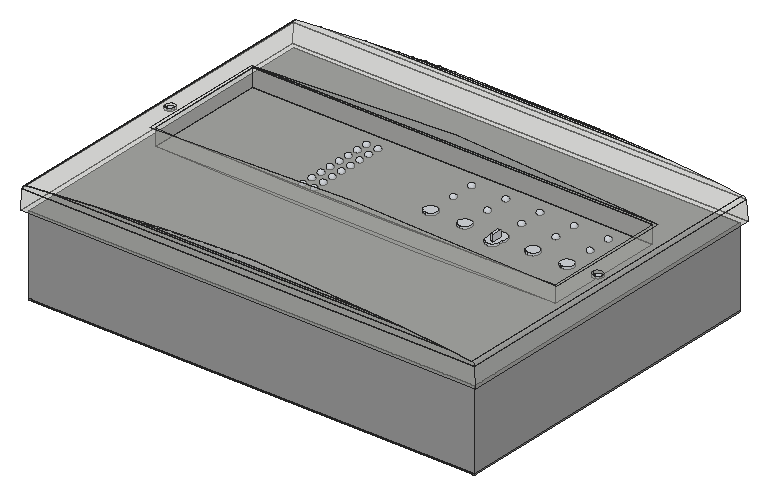
Revit family "Maxlogic Konvansiyonel Yangın Alarm Santralı büyük kasa", category Fire Alarm Devices, host Face, Revit 2021
Family settings
  Host = Face
  Maintain Annotation Orientation = Yes
  Round Connector Dimension = Use Diameter
  Part Type = Normal
  OmniClass Number = 23.85.30.21
  OmniClass Title = Environmental Detection/Registration
  Cut with Voids When Loaded = No
  Shared = No
  Room Calculation Point = No
Parameters (values of type "Maxlogic Konvansiyonel Yangın Alarm Santralı, 8 Bölge")
  Weight = "~ 4,275 - 4,4 kg (Akü Hariç)"
  Weatherproof surface mounting back box = ""
  Warranty Duration Unit = "Year"
  Warranty Duration Parts = "2"
  Warranty Duration Labor = "2"
  Version = ""
  URL = "https://www.mavili.com.tr/"
  Recessed mounting base = ""
  Public Works Pose Number = "833-212"
  Protection Sign = ""
  Product Code = "ML-22108"
  Phone Number = "(+)90 216 466 45 05"
  Operatonal Voltage (default) = ""
  Operating voltage range = ""
  Operating temperature = "(-5°C) - (+50°C)"
  Nominal Depth = "100 mm"
  Nominal Width = "400 mm"
  Nominal Height = "300 mm"
  Mounting surface = "Duvara montaj"
  Mounting height = ""
  Model = "Maxlogic"
  Manufacturer = "Mavili Elektronik Ticaret A.Ş."
  LED 8 = no
  LED 4 = yes
  LED 2 = yes
  Installation Manual = "https://mavilielektronik.com/Revit/ML221XX_kk.pdf"
  Indicator output = ""
  Fax Number = "(+)90 216 466 45 10"
  External supply = "220 V AC"
  Email = "mavili@mavili.com.tr"
  Disclaimer = ""
  Device Adress Setup = ""
  Description = "Konvansiyonel Yangın Alarm Santralı, 8 Bölge"
  Default Elevation = 0 mm
  Current consumption = ""
  Cost unıt = ""
  Cost = 0
  Compatible sockets = ""
  Color = "Beyaz"
  Code Performance = "EN 54-2 / EN 54-4"
  Main Material = "Metal Grey"
  Secondary Material = "White Plastic ABS"
  Battery = "2 X (12V DC 7 Ah )"
  Assembly Code = ""
  Address line 1 = "Şerifali Mahallesi Kutup Sokak No:27/1-2-4 Ümraniye TR-34775 İSTANBUL"
Types (5, lengths in mm): name | Public Works Pose Number | Product Code | LED 8 | LED 4 | LED 2 | Description
  (no name) | "833-212" | "ML-22108" | no | yes | yes | "Konvansiyonel Yangın Alarm Santralı, 8 Bölge"
  Maxlogic Konvansiyonel Yangın Alarm Santralı, 16 Bölge | "833-214" | "ML-22116" | yes | yes | yes | "Konvansiyonel Yangın Alarm Santralı, 16 Bölge"
  Maxlogic Konvansiyonel Yangın Alarm Santralı, 8 Bölge | "833-212" | "ML-22108" | no | yes | yes | "Konvansiyonel Yangın Alarm Santralı, 8 Bölge"
  Maxlogic Konvansiyonel Yangın Alarm Santralı, 4 Bölge | "833-211" | "ML-22104" | no | no | yes | "Konvansiyonel Yangın Alarm Santralı, 4 Bölge"
  Maxlogic Konvansiyonel Yangın Alarm Santralı, 2 Bölge | "" | "ML-22102" | no | no | no | "Konvansiyonel Yangın Alarm Santralı, 2 Bölge"
Reference planes
  plane 1 "Center (Front/Back)": y = 0
  plane 2: z = 0
  plane 3 "Center (Left/Right)": x = 0
Forms (mm)
  Extrusion 1, solid, material "mavili arka kasa"
    sketch origin (-210, -150, 148.173) x (1, 0, 0) y (0, 0, -1)
      loop
        line (42.905, 77.3) -> (434.905, 77.3) -> (434.905, 146.904)
        arc (434.905, 146.904) -> (434.545, 147.715) -> (433.785, 148.173) r 1.476
        line (433.785, 148.173) -> (44.505, 148.173)
        arc (44.505, 148.173) -> (43.374, 147.704) -> (42.905, 146.573) r 1.6
        line (42.905, 146.573) -> (42.905, 77.3)
    from 0 to 300
  Extrusion 2, solid, material "Mavili beyaz"
    sketch origin (-210, -150, 148.173) x (1, 0, 0) y (0, 0, -1)
      loop
        line (38.905, 77.3) -> (39.824, 59.769)
        arc (39.824, 59.769) -> (40.651, 57.854) -> (42.526, 56.941) r 3
        arc (42.526, 56.941) -> (238.905, 47.3) -> (435.284, 56.941) r 2005
        arc (435.284, 56.941) -> (437.16, 57.854) -> (437.987, 59.769) r 3
        line (437.987, 59.769) -> (438.905, 77.3) -> (38.905, 77.3)
    from 0 to 300
  Extrusion 3, void
    sketch origin (-167.095, -150, 70.872) x (0, 0, 1) y (0, -1, 0)
      loop
        arc (-69.27, -296) -> (-70.403, -295.532) -> (-70.872, -294.4) r 1.6
        line (-70.872, -294.4) -> (-70.872, -300) -> (0, -300) -> (0, -296) -> (-69.27, -296)
    from 0 to 392
  Extrusion 4, void
    sketch origin (-167.095, 150, 70.872) x (0, 0, 1) y (0, -1, 0)
      loop
        line (-69.27, 296) -> (0, 296) -> (0, 300) -> (-70.872, 300) -> (-70.872, 294.4)
        arc (-70.872, 294.4) -> (-70.403, 295.532) -> (-69.27, 296) r 1.6
    from 0 to 392
  Extrusion 5, void
    sketch origin (-210, -150, 148.173) x (0, 0, -1) y (0, 1, 0)
      loop
        line (55.289, 116.326) -> (55.289, 228.158) -> (47.3, 228.297) -> (47.3, 111.721) -> (55.289, 116.326)
    from 0 to 497.127
  Extrusion 6, void
    sketch origin (-210, -150, 148.173) x (0, 0, -1) y (0, 1, 0)
      loop
        arc (47.3, 295.581) -> (48.124, 297.646) -> (50.143, 298.577) r 3
        line (50.143, 298.577) -> (51.913, 298.669) -> (55.057, 298.834) -> (59.769, 299.081) -> (77.3, 300) -> (50, 300) -> (47.3, 300) -> (47.3, 295.581)
    from 0 to 493.151
  Extrusion 7, void
    sketch origin (-210, 150, 148.173) x (0, 0, -1) y (0, 1, 0)
      loop
        line (47.3, -295.581) -> (47.3, -300) -> (50, -300) -> (77.3, -300) -> (59.769, -299.081) -> (55.057, -298.834) -> (51.913, -298.669) -> (50.143, -298.577)
        arc (50.143, -298.577) -> (48.124, -297.646) -> (47.3, -295.581) r 3
    from 0 to 493.151
  Extrusion 8, void
    sketch origin (-167.095, 146, 25.472) x (0, 0, -1) y (1, 0, 0)
      loop
        line (-13.523, 66.9) -> (-13.523, 68.054)
        arc (-13.523, 68.054) -> (-15, 68.144) -> (-16.477, 68.054) r 12.144
        line (-16.477, 68.054) -> (-16.477, 66.9)
        arc (-16.477, 66.9) -> (-26, 56.025) -> (-16.527, 45.106) r 11
        line (-16.527, 45.106) -> (-16.527, 43.952)
        arc (-16.527, 43.952) -> (-15, 43.856) -> (-13.473, 43.952) r 12.144
        line (-13.473, 43.952) -> (-13.473, 45.106)
        arc (-13.473, 45.106) -> (-4, 56.025) -> (-13.523, 66.9) r 11
    from 0 to 1
  Extrusion 9, void
    sketch origin (-127.095, 146, 25.472) x (0, 0, -1) y (1, 0, 0)
      loop
        line (-13.523, 66.9) -> (-13.523, 68.054)
        arc (-13.523, 68.054) -> (-15, 68.144) -> (-16.477, 68.054) r 12.144
        line (-16.477, 68.054) -> (-16.477, 66.9)
        arc (-16.477, 66.9) -> (-26, 56.025) -> (-16.527, 45.106) r 11
        line (-16.527, 45.106) -> (-16.527, 43.952)
        arc (-16.527, 43.952) -> (-15, 43.856) -> (-13.473, 43.952) r 12.144
        line (-13.473, 43.952) -> (-13.473, 45.106)
        arc (-13.473, 45.106) -> (-4, 56.025) -> (-13.523, 66.9) r 11
    from 0 to 1
  Extrusion 10, void
    sketch origin (-87.095, 146, 25.472) x (0, 0, -1) y (1, 0, 0)
      loop
        line (-13.523, 66.9) -> (-13.523, 68.054)
        arc (-13.523, 68.054) -> (-15, 68.144) -> (-16.477, 68.054) r 12.144
        line (-16.477, 68.054) -> (-16.477, 66.9)
        arc (-16.477, 66.9) -> (-26, 56.025) -> (-16.527, 45.106) r 11
        line (-16.527, 45.106) -> (-16.527, 43.952)
        arc (-16.527, 43.952) -> (-15, 43.856) -> (-13.473, 43.952) r 12.144
        line (-13.473, 43.952) -> (-13.473, 45.106)
        arc (-13.473, 45.106) -> (-4, 56.025) -> (-13.523, 66.9) r 11
    from 0 to 1
  Extrusion 11, void
    sketch origin (-47.095, 146, 25.472) x (0, 0, -1) y (1, 0, 0)
      loop
        line (-13.523, 66.9) -> (-13.523, 68.054)
        arc (-13.523, 68.054) -> (-15, 68.144) -> (-16.477, 68.054) r 12.144
        line (-16.477, 68.054) -> (-16.477, 66.9)
        arc (-16.477, 66.9) -> (-26, 56.025) -> (-16.527, 45.106) r 11
        line (-16.527, 45.106) -> (-16.527, 43.952)
        arc (-16.527, 43.952) -> (-15, 43.856) -> (-13.473, 43.952) r 12.144
        line (-13.473, 43.952) -> (-13.473, 45.106)
        arc (-13.473, 45.106) -> (-4, 56.025) -> (-13.523, 66.9) r 11
    from 0 to 1
  Extrusion 12, void
    sketch origin (-7.095, 146, 25.472) x (0, 0, -1) y (1, 0, 0)
      loop
        line (-13.523, 66.9) -> (-13.523, 68.054)
        arc (-13.523, 68.054) -> (-15, 68.144) -> (-16.477, 68.054) r 12.144
        line (-16.477, 68.054) -> (-16.477, 66.9)
        arc (-16.477, 66.9) -> (-26, 56.025) -> (-16.527, 45.106) r 11
        line (-16.527, 45.106) -> (-16.527, 43.952)
        arc (-16.527, 43.952) -> (-15, 43.856) -> (-13.473, 43.952) r 12.144
        line (-13.473, 43.952) -> (-13.473, 45.106)
        arc (-13.473, 45.106) -> (-4, 56.025) -> (-13.523, 66.9) r 11
    from 0 to 1
  Extrusion 13, void
    sketch origin (32.905, 146, 25.472) x (0, 0, -1) y (1, 0, 0)
      loop
        line (-13.523, 66.9) -> (-13.523, 68.054)
        arc (-13.523, 68.054) -> (-15, 68.144) -> (-16.477, 68.054) r 12.144
        line (-16.477, 68.054) -> (-16.477, 66.9)
        arc (-16.477, 66.9) -> (-26, 56.025) -> (-16.527, 45.106) r 11
        line (-16.527, 45.106) -> (-16.527, 43.952)
        arc (-16.527, 43.952) -> (-15, 43.856) -> (-13.473, 43.952) r 12.144
        line (-13.473, 43.952) -> (-13.473, 45.106)
        arc (-13.473, 45.106) -> (-4, 56.025) -> (-13.523, 66.9) r 11
    from 0 to 1
  Extrusion 14, void
    sketch origin (72.905, 146, 25.472) x (0, 0, -1) y (1, 0, 0)
      loop
        line (-13.523, 66.9) -> (-13.523, 68.054)
        arc (-13.523, 68.054) -> (-15, 68.144) -> (-16.477, 68.054) r 12.144
        line (-16.477, 68.054) -> (-16.477, 66.9)
        arc (-16.477, 66.9) -> (-26, 56.025) -> (-16.527, 45.106) r 11
        line (-16.527, 45.106) -> (-16.527, 43.952)
        arc (-16.527, 43.952) -> (-15, 43.856) -> (-13.473, 43.952) r 12.144
        line (-13.473, 43.952) -> (-13.473, 45.106)
        arc (-13.473, 45.106) -> (-4, 56.025) -> (-13.523, 66.9) r 11
    from 0 to 1
  Extrusion 15, void
    sketch origin (112.905, 146, 25.472) x (0, 0, -1) y (1, 0, 0)
      loop
        line (-13.523, 66.9) -> (-13.523, 68.054)
        arc (-13.523, 68.054) -> (-15, 68.144) -> (-16.477, 68.054) r 12.144
        line (-16.477, 68.054) -> (-16.477, 66.9)
        arc (-16.477, 66.9) -> (-26, 56.025) -> (-16.527, 45.106) r 11
        line (-16.527, 45.106) -> (-16.527, 43.952)
        arc (-16.527, 43.952) -> (-15, 43.856) -> (-13.473, 43.952) r 12.144
        line (-13.473, 43.952) -> (-13.473, 45.106)
        arc (-13.473, 45.106) -> (-4, 56.025) -> (-13.523, 66.9) r 11
    from 0 to 1
  Extrusion 16, void
    sketch origin (-210, -33.417, 92.884) x (-1, 0, 0) y (0, 1, 0)
      loop
        line (-62.836, 2.214) -> (-62.836, 108.579)
        spline (-62.836, 108.579) -> (-92.123, 108.62) -> (-121.442, 108.654) -> (-150.785, 108.681) -> (-180.148, 108.699) -> (-209.524, 108.711) -> (-238.905, 108.714) -> (-268.287, 108.711) -> (-297.662, 108.699) -> (-327.025, 108.681) -> (-356.369, 108.654) -> (-385.687, 108.62) -> (-414.974, 108.579)
        line (-414.974, 108.579) -> (-414.974, 2.214)
        spline (-414.974, 2.214) -> (-385.687, 0.847) -> (-356.369, -0.273) -> (-327.025, -1.144) -> (-297.662, -1.766) -> (-268.287, -2.14) -> (-238.905, -2.264) -> (-209.524, -2.14) -> (-180.148, -1.766) -> (-150.785, -1.144) -> (-121.442, -0.273) -> (-92.123, 0.847) -> (-62.836, 2.214)
    from 0 to 15
  Extrusion 17, void
    sketch origin (-210, -33.417, 92.884) x (-1, 0, 0) y (0, 1, 0)
      loop
        circle (-50.905, 33.417) r 4.25
    from 0 to 3
  Extrusion 18, solid
    sketch origin (-210, -33.442, 89.884) x (0, 1, 0) y (-1, 0, 0)
      loop
        line (35.753, -50.862) -> (34.597, -48.861) -> (32.286, -48.861) -> (31.13, -50.862) -> (32.286, -52.864) -> (34.597, -52.864) -> (35.753, -50.862)
    from 0 to 1
  Extrusion 19, void
    sketch origin (267.811, -33.417, 92.884) x (-1, 0, 0) y (0, 1, 0)
      loop
        circle (50.905, 33.417) r 4.25
    from 0 to 3
  Extrusion 20, solid
    sketch origin (267.811, -33.442, 89.884) x (0, 1, 0) y (-1, 0, 0)
      loop
        line (35.753, 50.862) -> (34.597, 52.864) -> (32.286, 52.864) -> (31.13, 50.862) -> (32.286, 48.861) -> (34.597, 48.861) -> (35.753, 50.862)
    from 0 to 1
  Revolve 21, solid, visible <- "LED 8"
    sketch origin (-210, -33.417, 77.884) x (0, 1, 0) y (-1, 0, 0)
      loop
        line (96.899, -86.908) -> (91.899, -86.908)
        arc (91.899, -86.908) -> (94.399, -89.408) -> (96.899, -86.908) r 2.5
      axis (96.899, -86.908) -> (91.899, -86.908)
    angle from 0 to -180
  Revolve 22, solid, visible <- "LED 8"
    sketch origin (-200, -33.417, 77.884) x (0, 1, 0) y (-1, 0, 0)
      loop
        line (96.899, -86.908) -> (91.899, -86.908)
        arc (91.899, -86.908) -> (94.399, -89.408) -> (96.899, -86.908) r 2.5
      axis (96.899, -86.908) -> (91.899, -86.908)
    angle from 0 to -180
  Revolve 23, solid, visible <- "LED 8"
    sketch origin (-210, -43.417, 77.884) x (0, 1, 0) y (-1, 0, 0)
      loop
        line (96.899, -86.908) -> (91.899, -86.908)
        arc (91.899, -86.908) -> (94.399, -89.408) -> (96.899, -86.908) r 2.5
      axis (96.899, -86.908) -> (91.899, -86.908)
    angle from 0 to -180
  Revolve 24, solid, visible <- "LED 8"
    sketch origin (-200, -43.417, 77.884) x (0, 1, 0) y (-1, 0, 0)
      loop
        line (96.899, -86.908) -> (91.899, -86.908)
        arc (91.899, -86.908) -> (94.399, -89.408) -> (96.899, -86.908) r 2.5
      axis (96.899, -86.908) -> (91.899, -86.908)
    angle from 0 to -180
  Revolve 25, solid, visible <- "LED 8"
    sketch origin (-210, -53.417, 77.884) x (0, 1, 0) y (-1, 0, 0)
      loop
        line (96.899, -86.908) -> (91.899, -86.908)
        arc (91.899, -86.908) -> (94.399, -89.408) -> (96.899, -86.908) r 2.5
      axis (96.899, -86.908) -> (91.899, -86.908)
    angle from 0 to -180
  Revolve 26, solid, visible <- "LED 8"
    sketch origin (-200, -53.417, 77.884) x (0, 1, 0) y (-1, 0, 0)
      loop
        line (96.899, -86.908) -> (91.899, -86.908)
        arc (91.899, -86.908) -> (94.399, -89.408) -> (96.899, -86.908) r 2.5
      axis (96.899, -86.908) -> (91.899, -86.908)
    angle from 0 to -180
  Revolve 27, solid, visible <- "LED 8"
    sketch origin (-210, -63.417, 77.884) x (0, 1, 0) y (-1, 0, 0)
      loop
        line (96.899, -86.908) -> (91.899, -86.908)
        arc (91.899, -86.908) -> (94.399, -89.408) -> (96.899, -86.908) r 2.5
      axis (96.899, -86.908) -> (91.899, -86.908)
    angle from 0 to -180
  Revolve 28, solid, visible <- "LED 8"
    sketch origin (-200, -63.417, 77.884) x (0, 1, 0) y (-1, 0, 0)
      loop
        line (96.899, -86.908) -> (91.899, -86.908)
        arc (91.899, -86.908) -> (94.399, -89.408) -> (96.899, -86.908) r 2.5
      axis (96.899, -86.908) -> (91.899, -86.908)
    angle from 0 to -180
  Revolve 29, solid, visible <- "LED 8"
    sketch origin (-210, -73.417, 77.884) x (0, 1, 0) y (-1, 0, 0)
      loop
        line (96.899, -86.908) -> (91.899, -86.908)
        arc (91.899, -86.908) -> (94.399, -89.408) -> (96.899, -86.908) r 2.5
      axis (96.899, -86.908) -> (91.899, -86.908)
    angle from 0 to -180
  Revolve 30, solid, visible <- "LED 8"
    sketch origin (-200, -73.417, 77.884) x (0, 1, 0) y (-1, 0, 0)
      loop
        line (96.899, -86.908) -> (91.899, -86.908)
        arc (91.899, -86.908) -> (94.399, -89.408) -> (96.899, -86.908) r 2.5
      axis (96.899, -86.908) -> (91.899, -86.908)
    angle from 0 to -180
  Revolve 31, solid, visible <- "LED 8"
    sketch origin (-210, -83.417, 77.884) x (0, 1, 0) y (-1, 0, 0)
      loop
        line (96.899, -86.908) -> (91.899, -86.908)
        arc (91.899, -86.908) -> (94.399, -89.408) -> (96.899, -86.908) r 2.5
      axis (96.899, -86.908) -> (91.899, -86.908)
    angle from 0 to -180
  Revolve 32, solid, visible <- "LED 8"
    sketch origin (-200, -83.417, 77.884) x (0, 1, 0) y (-1, 0, 0)
      loop
        line (96.899, -86.908) -> (91.899, -86.908)
        arc (91.899, -86.908) -> (94.399, -89.408) -> (96.899, -86.908) r 2.5
      axis (96.899, -86.908) -> (91.899, -86.908)
    angle from 0 to -180
  Revolve 33, solid, visible <- "LED 8"
    sketch origin (-210, -93.417, 77.884) x (0, 1, 0) y (-1, 0, 0)
      loop
        line (96.899, -86.908) -> (91.899, -86.908)
        arc (91.899, -86.908) -> (94.399, -89.408) -> (96.899, -86.908) r 2.5
      axis (96.899, -86.908) -> (91.899, -86.908)
    angle from 0 to -180
  Revolve 34, solid, visible <- "LED 8"
    sketch origin (-200, -93.417, 77.884) x (0, 1, 0) y (-1, 0, 0)
      loop
        line (96.899, -86.908) -> (91.899, -86.908)
        arc (91.899, -86.908) -> (94.399, -89.408) -> (96.899, -86.908) r 2.5
      axis (96.899, -86.908) -> (91.899, -86.908)
    angle from 0 to -180
  Revolve 35, solid, visible <- "LED 8"
    sketch origin (-210, -103.417, 77.884) x (0, 1, 0) y (-1, 0, 0)
      loop
        line (96.899, -86.908) -> (91.899, -86.908)
        arc (91.899, -86.908) -> (94.399, -89.408) -> (96.899, -86.908) r 2.5
      axis (96.899, -86.908) -> (91.899, -86.908)
    angle from 0 to -180
  Revolve 36, solid, visible <- "LED 8"
    sketch origin (-200, -103.417, 77.884) x (0, 1, 0) y (-1, 0, 0)
      loop
        line (96.899, -86.908) -> (91.899, -86.908)
        arc (91.899, -86.908) -> (94.399, -89.408) -> (96.899, -86.908) r 2.5
      axis (96.899, -86.908) -> (91.899, -86.908)
    angle from 0 to -180
  Revolve 37, solid
    sketch origin (-122.5, -33.417, 77.884) x (0, 1, 0) y (-1, 0, 0)
      loop
        line (96.899, -86.908) -> (91.899, -86.908)
        arc (91.899, -86.908) -> (94.399, -89.408) -> (96.899, -86.908) r 2.5
      axis (96.899, -86.908) -> (91.899, -86.908)
    angle from 0 to -180
  Revolve 38, solid
    sketch origin (-112.5, -33.417, 77.884) x (0, 1, 0) y (-1, 0, 0)
      loop
        line (96.899, -86.908) -> (91.899, -86.908)
        arc (91.899, -86.908) -> (94.399, -89.408) -> (96.899, -86.908) r 2.5
      axis (96.899, -86.908) -> (91.899, -86.908)
    angle from 0 to -180
  Revolve 39, solid
    sketch origin (-122.5, -43.417, 77.884) x (0, 1, 0) y (-1, 0, 0)
      loop
        line (96.899, -86.908) -> (91.899, -86.908)
        arc (91.899, -86.908) -> (94.399, -89.408) -> (96.899, -86.908) r 2.5
      axis (96.899, -86.908) -> (91.899, -86.908)
    angle from 0 to -180
  Revolve 40, solid
    sketch origin (-112.5, -43.417, 77.884) x (0, 1, 0) y (-1, 0, 0)
      loop
        line (96.899, -86.908) -> (91.899, -86.908)
        arc (91.899, -86.908) -> (94.399, -89.408) -> (96.899, -86.908) r 2.5
      axis (96.899, -86.908) -> (91.899, -86.908)
    angle from 0 to -180
  Revolve 41, solid, visible <- "LED 2"
    sketch origin (-122.5, -53.417, 77.884) x (0, 1, 0) y (-1, 0, 0)
      loop
        line (96.899, -86.908) -> (91.899, -86.908)
        arc (91.899, -86.908) -> (94.399, -89.408) -> (96.899, -86.908) r 2.5
      axis (96.899, -86.908) -> (91.899, -86.908)
    angle from 0 to -180
  Revolve 42, solid, visible <- "LED 2"
    sketch origin (-112.5, -53.417, 77.884) x (0, 1, 0) y (-1, 0, 0)
      loop
        line (96.899, -86.908) -> (91.899, -86.908)
        arc (91.899, -86.908) -> (94.399, -89.408) -> (96.899, -86.908) r 2.5
      axis (96.899, -86.908) -> (91.899, -86.908)
    angle from 0 to -180
  Revolve 43, solid, visible <- "LED 2"
    sketch origin (-122.5, -63.417, 77.884) x (0, 1, 0) y (-1, 0, 0)
      loop
        line (96.899, -86.908) -> (91.899, -86.908)
        arc (91.899, -86.908) -> (94.399, -89.408) -> (96.899, -86.908) r 2.5
      axis (96.899, -86.908) -> (91.899, -86.908)
    angle from 0 to -180
  Revolve 44, solid, visible <- "LED 2"
    sketch origin (-112.5, -63.417, 77.884) x (0, 1, 0) y (-1, 0, 0)
      loop
        line (96.899, -86.908) -> (91.899, -86.908)
        arc (91.899, -86.908) -> (94.399, -89.408) -> (96.899, -86.908) r 2.5
      axis (96.899, -86.908) -> (91.899, -86.908)
    angle from 0 to -180
  Revolve 45, solid, visible <- "LED 4"
    sketch origin (-122.5, -73.417, 77.884) x (0, 1, 0) y (-1, 0, 0)
      loop
        line (96.899, -86.908) -> (91.899, -86.908)
        arc (91.899, -86.908) -> (94.399, -89.408) -> (96.899, -86.908) r 2.5
      axis (96.899, -86.908) -> (91.899, -86.908)
    angle from 0 to -180
  Revolve 46, solid, visible <- "LED 4"
    sketch origin (-112.5, -73.417, 77.884) x (0, 1, 0) y (-1, 0, 0)
      loop
        line (96.899, -86.908) -> (91.899, -86.908)
        arc (91.899, -86.908) -> (94.399, -89.408) -> (96.899, -86.908) r 2.5
      axis (96.899, -86.908) -> (91.899, -86.908)
    angle from 0 to -180
  Revolve 47, solid, visible <- "LED 4"
    sketch origin (-122.5, -83.417, 77.884) x (0, 1, 0) y (-1, 0, 0)
      loop
        line (96.899, -86.908) -> (91.899, -86.908)
        arc (91.899, -86.908) -> (94.399, -89.408) -> (96.899, -86.908) r 2.5
      axis (96.899, -86.908) -> (91.899, -86.908)
    angle from 0 to -180
  Revolve 48, solid, visible <- "LED 4"
    sketch origin (-112.5, -83.417, 77.884) x (0, 1, 0) y (-1, 0, 0)
      loop
        line (96.899, -86.908) -> (91.899, -86.908)
        arc (91.899, -86.908) -> (94.399, -89.408) -> (96.899, -86.908) r 2.5
      axis (96.899, -86.908) -> (91.899, -86.908)
    angle from 0 to -180
  Revolve 49, solid, visible <- "LED 4"
    sketch origin (-122.5, -93.417, 77.884) x (0, 1, 0) y (-1, 0, 0)
      loop
        line (96.899, -86.908) -> (91.899, -86.908)
        arc (91.899, -86.908) -> (94.399, -89.408) -> (96.899, -86.908) r 2.5
      axis (96.899, -86.908) -> (91.899, -86.908)
    angle from 0 to -180
  Revolve 50, solid, visible <- "LED 4"
    sketch origin (-112.5, -93.417, 77.884) x (0, 1, 0) y (-1, 0, 0)
      loop
        line (96.899, -86.908) -> (91.899, -86.908)
        arc (91.899, -86.908) -> (94.399, -89.408) -> (96.899, -86.908) r 2.5
      axis (96.899, -86.908) -> (91.899, -86.908)
    angle from 0 to -180
  Revolve 51, solid, visible <- "LED 4"
    sketch origin (-122.5, -103.417, 77.884) x (0, 1, 0) y (-1, 0, 0)
      loop
        line (96.899, -86.908) -> (91.899, -86.908)
        arc (91.899, -86.908) -> (94.399, -89.408) -> (96.899, -86.908) r 2.5
      axis (96.899, -86.908) -> (91.899, -86.908)
    angle from 0 to -180
  Revolve 52, solid, visible <- "LED 4"
    sketch origin (-112.5, -103.417, 77.884) x (0, 1, 0) y (-1, 0, 0)
      loop
        line (96.899, -86.908) -> (91.899, -86.908)
        arc (91.899, -86.908) -> (94.399, -89.408) -> (96.899, -86.908) r 2.5
      axis (96.899, -86.908) -> (91.899, -86.908)
    angle from 0 to -180
  Revolve 53, solid
    sketch origin (-30, -33.417, 77.884) x (0, 1, 0) y (-1, 0, 0)
      loop
        line (96.899, -86.908) -> (91.899, -86.908)
        arc (91.899, -86.908) -> (94.399, -89.408) -> (96.899, -86.908) r 2.5
      axis (96.899, -86.908) -> (91.899, -86.908)
    angle from 0 to -180
  Revolve 54, solid
    sketch origin (0, -33.417, 77.884) x (0, 1, 0) y (-1, 0, 0)
      loop
        line (96.899, -86.908) -> (91.899, -86.908)
        arc (91.899, -86.908) -> (94.399, -89.408) -> (96.899, -86.908) r 2.5
      axis (96.899, -86.908) -> (91.899, -86.908)
    angle from 0 to -180
  Revolve 55, solid
    sketch origin (30, -33.417, 77.884) x (0, 1, 0) y (-1, 0, 0)
      loop
        line (96.899, -86.908) -> (91.899, -86.908)
        arc (91.899, -86.908) -> (94.399, -89.408) -> (96.899, -86.908) r 2.5
      axis (96.899, -86.908) -> (91.899, -86.908)
    angle from 0 to -180
  Revolve 56, solid
    sketch origin (60, -33.417, 77.884) x (0, 1, 0) y (-1, 0, 0)
      loop
        line (96.899, -86.908) -> (91.899, -86.908)
        arc (91.899, -86.908) -> (94.399, -89.408) -> (96.899, -86.908) r 2.5
      axis (96.899, -86.908) -> (91.899, -86.908)
    angle from 0 to -180
  Revolve 57, solid
    sketch origin (90, -33.417, 77.884) x (0, 1, 0) y (-1, 0, 0)
      loop
        line (96.899, -86.908) -> (91.899, -86.908)
        arc (91.899, -86.908) -> (94.399, -89.408) -> (96.899, -86.908) r 2.5
      axis (96.899, -86.908) -> (91.899, -86.908)
    angle from 0 to -180
  Revolve 58, solid
    sketch origin (-30, -53.417, 77.884) x (0, 1, 0) y (-1, 0, 0)
      loop
        line (96.899, -86.908) -> (91.899, -86.908)
        arc (91.899, -86.908) -> (94.399, -89.408) -> (96.899, -86.908) r 2.5
      axis (96.899, -86.908) -> (91.899, -86.908)
    angle from 0 to -180
  Revolve 59, solid
    sketch origin (0, -53.417, 77.884) x (0, 1, 0) y (-1, 0, 0)
      loop
        line (96.899, -86.908) -> (91.899, -86.908)
        arc (91.899, -86.908) -> (94.399, -89.408) -> (96.899, -86.908) r 2.5
      axis (96.899, -86.908) -> (91.899, -86.908)
    angle from 0 to -180
  Revolve 60, solid
    sketch origin (30, -53.417, 77.884) x (0, 1, 0) y (-1, 0, 0)
      loop
        line (96.899, -86.908) -> (91.899, -86.908)
        arc (91.899, -86.908) -> (94.399, -89.408) -> (96.899, -86.908) r 2.5
      axis (96.899, -86.908) -> (91.899, -86.908)
    angle from 0 to -180
  Revolve 61, solid
    sketch origin (60, -53.417, 77.884) x (0, 1, 0) y (-1, 0, 0)
      loop
        line (96.899, -86.908) -> (91.899, -86.908)
        arc (91.899, -86.908) -> (94.399, -89.408) -> (96.899, -86.908) r 2.5
      axis (96.899, -86.908) -> (91.899, -86.908)
    angle from 0 to -180
  Revolve 62, solid
    sketch origin (90, -53.417, 77.884) x (0, 1, 0) y (-1, 0, 0)
      loop
        line (96.899, -86.908) -> (91.899, -86.908)
        arc (91.899, -86.908) -> (94.399, -89.408) -> (96.899, -86.908) r 2.5
      axis (96.899, -86.908) -> (91.899, -86.908)
    angle from 0 to -180
  Extrusion 63, solid
    sketch origin (-180, -33.417, 77.884) x (0, 1, 0) y (-1, 0, 0)
      loop
        circle (49.399, -266.908) r 5.5
    from 0 to 1.362
  Extrusion 64, solid
    sketch origin (-210, -33.417, 77.884) x (0, 1, 0) y (-1, 0, 0)
      loop
        circle (49.399, -266.908) r 5.5
    from 0 to 1.362
  Extrusion 65, solid
    sketch origin (-120, -33.417, 77.884) x (0, 1, 0) y (-1, 0, 0)
      loop
        circle (49.399, -266.908) r 5.5
    from 0 to 1.362
  Extrusion 66, solid
    sketch origin (-90, -33.417, 77.884) x (0, 1, 0) y (-1, 0, 0)
      loop
        circle (49.399, -266.908) r 5.5
    from 0 to 1.362
  Extrusion 67, solid
    sketch origin (-210, -33.417, 77.884) x (0, 1, 0) y (-1, 0, 0)
      loop
        arc (45.863, -332.658) -> (56.149, -326.908) -> (45.863, -321.158) r 6.75
        line (45.863, -321.158) -> (42.399, -321.158)
        arc (42.399, -321.158) -> (36.649, -326.908) -> (42.399, -332.658) r 5.75
        line (42.399, -332.658) -> (45.863, -332.658)
    from 0 to 1.362
  Extrusion 68, solid
    sketch origin (-210, -33.417, 77.884) x (0, 1, 0) y (-1, 0, 0)
      loop
        line (49.876, -326.908) -> (49.876, -325.89) -> (41.691, -325.89) -> (41.691, -326.908) -> (41.691, -327.927) -> (49.876, -327.927) -> (49.876, -326.908)
    from 0 to 6.687
Cuts and joins
  Extrusion 3, Extrusion 4, Extrusion 8, Extrusion 9, Extrusion 10, Extrusion 11, Extrusion 12, Extrusion 13, Extrusion 14, Extrusion 15 cuts Extrusion 1
  Extrusion 3, Extrusion 4, Extrusion 5, Extrusion 6, Extrusion 7, Extrusion 16, Extrusion 17, Extrusion 19 cuts Extrusion 2
  Extrusion 19 cuts Extrusion 18
Dimensions and locks
  aligned and locked: plane 2 to host face
  aligned and locked: level to host face
Connectors
  electrical at (29.145, 0, 0)
    settings: on cut or joined group of Extrusion 1, Extrusion 3, Extrusion 4, Extrusion 8, Extrusion 9, Extrusion 10, Extrusion 11, Extrusion 12, Extrusion 13, Extrusion 14, Extrusion 15, index 1, voltage 0 V, apparent load 0 VA, apparent load phase1 0 VA, apparent load phase2 0 VA, apparent load phase3 0 VA, power factor 1, load classification "Other", number of poles 1, system type 31, power factor state 1, is connector primary yes, connector utility no, sub classification motor no, connector description ""
